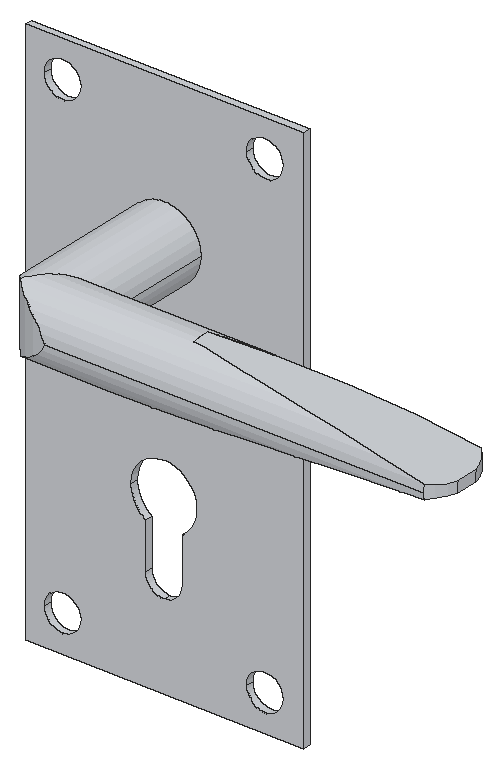
Revit family "SH875", category Generic Models, Revit 2012
Reference planes
  plane 1 "Center (Front/Back)": y = 0
  plane 2: z = 0
  plane 3 "Center (Left/Right)": x = 0
  plane 4: x = -37.5
  plane 5: x = 37.971
  plane 6: z = 40
  plane 7: z = -110
  plane 8: z = 112
  plane 9: z = 30
  plane 10: z = -100
  plane 11: x = -10
  plane 12: x = 10
  plane 13: y = -52
  plane 14: y = -37
  plane 15: y = -44.5
  plane 16: x = 115.471
  plane 17: x = 50.471
  plane 18: z = 1
  plane 19: z = -1
  plane 20: x = 109.471
  plane 21: z = -62
  plane 22: z = -87
  plane 23: z = -67
  plane 24: z = -77
  plane 25: z = -82
  plane 26: x = 15
  plane 27: y = -28
Forms (mm)
  Extrusion 1, solid
    sketch origin (0, 0, 0) x (1, 0, 0) y (0, 0, 1)
      loop
        line (-37.5, 40) -> (-37.5, -110) -> (37.971, -110) -> (37.971, 40) -> (-37.5, 40)
    from 0 to 2
  Extrusion 2, void
    sketch origin (0, 0, 0) x (1, 0, 0) y (0, 0, 1)
      loop
        circle (-27.5, 30) r 5
    from 0 to 2
  Extrusion 3, void
    sketch origin (55, 0, 0) x (1, 0, 0) y (0, 0, 1)
      loop
        circle (-27.5, 30) r 5
    from 0 to 2
  Extrusion 4, void
    sketch origin (55, 0, -130) x (1, 0, 0) y (0, 0, 1)
      loop
        circle (-27.5, 30) r 5
    from 0 to 2
  Extrusion 5, void
    sketch origin (0, 0, -130) x (1, 0, 0) y (0, 0, 1)
      loop
        circle (-27.5, 30) r 5
    from 0 to 2
  Sweep 6, solid
    path origin (-0.001, 2, 0) x (1, 0, 0) y (0, 1, 0)
      loop
        line (0, -2) -> (0, -44.5) -> (115, -44.5)
    profile origin (-0.001, -21.25, 0) x (1, 0, 0) y (0, 0, 1)
      loop
        circle (0, 0) r 10
  Extrusion 7, void
    sketch origin (0.01, 0, -0.369) x (1, 0, 0) y (0, 0, 1)
      loop
        line (-13.462, -11.436) -> (-14.188, -16) -> (122.544, -16) -> (122.544, -1) -> (115, -1)
        arc (115, -1) -> (50.696, -5.313) -> (-13.462, -11.436) r 2288.162
    from 58.528 to 27.463
  Extrusion 8, void
    sketch origin (0, 0, 0) x (1, 0, 0) y (0, 0, 1)
      loop
        arc (10, 10.297) -> (63.932, 8.206) -> (117.421, 1) r 567.468
        line (117.421, 1) -> (126.209, 1) -> (126.209, 16) -> (10, 16) -> (10, 10.297)
    from 31 to 65.1
  Extrusion 9, void
    sketch origin (0.529, 1.751, 0) x (1, 0, 0) y (0, 1, 0)
      loop
        arc (109.471, -34.002) -> (114.838, -44.518) -> (109.471, -55.034) r 12.987
        line (109.471, -55.034) -> (109.471, -59.579) -> (118.024, -59.579) -> (118.024, -31.31) -> (109.471, -31.31) -> (109.471, -34.002)
    from -14.346 to 14.432
  Extrusion 10, void
    sketch origin (0, 0, 0) x (1, 0, 0) y (0, 0, 1)
      loop
        circle (0, -62) r 9
    from 0 to 3
  Extrusion 11, void
    sketch origin (0, 0, 0) x (1, 0, 0) y (0, 0, 1)
      loop
        line (-5, -67) -> (-5, -82)
        arc (-5, -82) -> (-3.536, -85.536) -> (0, -87) r 5
        arc (0, -87) -> (3.536, -85.536) -> (5, -82) r 5
        line (5, -82) -> (5, -67) -> (-5, -67)
    from 0 to 5
  Extrusion 12, void
    sketch origin (0, 0, 0) x (1, 0, 0) y (0, 1, 0)
      loop
        line (-10, -28) -> (-24.473, -28) -> (-24.473, -67.651) -> (15.527, -67.651) -> (15.527, -52.651)
        arc (15.527, -52.651) -> (-3.305, -46.61) -> (-10, -28) r 22.386
    from -16.428 to 16.527
  Extrusion 13, void
    sketch origin (301.902, 46.328, 0) x (1, 0, 0) y (0, 1, 0)
      loop
        line (-1.481, -48.191) -> (-6.902, -47.629) -> (-6.902, -67.704) -> (113.08, -69.798) -> (113.08, -52)
        arc (113.08, -52) -> (55.736, -52.014) -> (-1.481, -48.191) r 856.618
    from -16.245 to 18.144
Cuts and joins
  Extrusion 2, Extrusion 3, Extrusion 4, Extrusion 5, Extrusion 7, Extrusion 10, Extrusion 11 cuts Extrusion 1
  Extrusion 7, Extrusion 8, Extrusion 9, Extrusion 12, Extrusion 13 cuts Sweep 6
  joined: Extrusion 1, Sweep 6
Lines and regions (mm)
  model lines
    curve 1: circle (0, 0, 0) r 10 normal (0, -1, 0)
Dimensions and locks
  aligned and locked: level to plane 2
